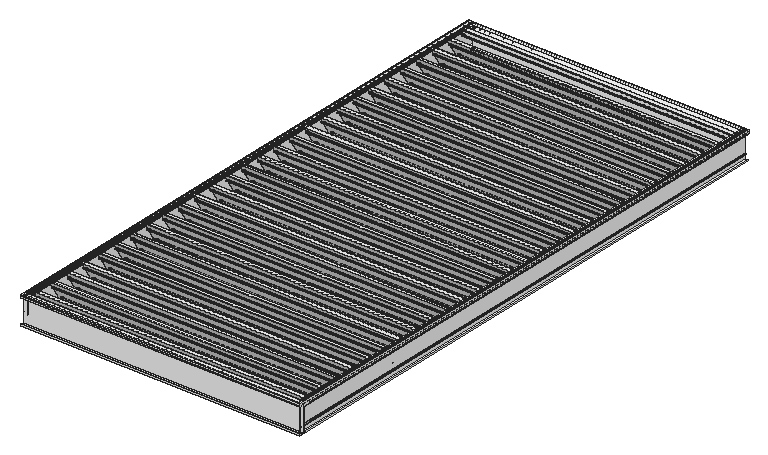
Revit family "All-Lite_EFD-635_R17", category Mechanical Equipment, host Face, Revit 2020
Family settings
  Host = Face
  Round Connector Dimension = Use Diameter
  Part Type = Normal
  Cut with Voids When Loaded = No
  Shared = No
  Room Calculation Point = No
Parameters (values of type "60" x 120"")
  Width Control = if(Width < 4 1/2", 4 1/2", Width)  # 60"
  Width = 60"
  Wall Depth [instance] = 12"
  Velocity @ .15 in.wg. Pressure Loss = "1099 fpm"  # constant formula
  URL = "https://www.alllite.com/"
  Pressure Loss = ".20 in. wg"  # constant formula
  Screen = "1/2'' x 0.063'' expanded and flattened aluminum."  # constant formula
  Product URL = "https://www.alllite.com/media/resource/EFD635.pdf"
  Revit Components [instance] = "www.commensestudio.com"
  Mullion = "Visible"  # constant formula
  Modeled By = "Commense Studio"  # constant formula
  Model = "EFD-635"  # constant formula
  Maximum Size = "60'' x 120''"  # constant formula
  Louver Placement from Face [instance] = 1"
  Height Control = if(Height < 8", 8", Height)  # 120"
  Free Area Velocity = "1250 fpm"  # constant formula
  Free Area (48" x 48") = "9.7 ft² 60.7%"  # constant formula
  Design Load = "30 psf"  # constant formula
  Air Volume Delivered = "12,138 cfm"  # constant formula
  Material = "Mill finish 6063-T5 extruded aluminum."  # constant formula
  Manufacturer = "Pottorff"  # constant formula
  Aluminum [instance] = Aluminum
  Blade Width = Width - 2"  # 58"
  Frame = "6'' deep x 0.081'' thick channel."  # constant formula
  Description = "The EFD-635 drainable blade louver is designed to prevent\r\nwater penetration in non-wind-driven rain applications by\r\ncollecting water in frame and blade gutters and channeling it into\r\ndownspouts and away from airflow paths. The EFD-635 is\r\navailable in a wide array of anodized and painted finishes\r\nincluding custom color matching."  # constant formula
  Height = 120"
  Depth = 6"  # constant formula
  Default Elevation = 0"
  Minimum Size = "4.5'' x 8'"  # constant formula
  Blades = "35° x 0.081'' thick drainable style."  # constant formula
  Assembly Code = "B3020300"
  Array Control 2 = if(Array Control 1 < 2, 2, Array Control 1)  # 27
  Array Control 1 = (Height - 10 3/4") / 4"  # 27
Types (2): name | Width Control | Width | URL | Product URL | Height Control | Blade Width | Height | Array Control 2 | Array Control 1
  60" x 120" | 60" | 60" | "https://www.alllite.com/" | "https://www.alllite.com/media/resource/EFD635.pdf" | 120" | 58" | 120" | 27 | 27
  36" x 48" | 36" | 36" | "https://www.pottorff.com/" | "" | 48" | 34" | 48" | 9 | 9
Reference planes (in)
  plane 1 "Center (Front/Back)": y = 0
  plane 2: z = 0
  plane 3 "Center (Left/Right)": x = 0
  plane 4 "L": x = -30
  plane 5 "R": x = 30
  plane 6 "B": y = 60
  plane 7 "F": y = -60
  plane 8 "Framing Sweeps": z = -1
  plane 9: x = -29
  plane 10: x = 29
  plane 11 "blade": z = -1.081
  plane 12: y = -57.75
  plane 13: y = 56.7965
  plane 14: y = 50.75
  plane 15: z = -7
  plane 16: z = -12
Forms (in)
  Sweep 1, solid, material "Aluminum" <- "Aluminum"
    path origin (0, 0, -1) x (-1, 0, 0) y (0, -1, 0)
      loop
        line (30, 60) -> (-30, 60)
    profile origin (0, -60, -1) x (0, 1, 0) y (0, 0, 1)
      loop
        line (0.984, -5.919) -> (0.984, 0) -> (0, 0) -> (0, -0.206) -> (0.065, -0.206)
        arc (0.065, -0.206) -> (0.07568, -0.17511) -> (0.10563, -0.162) r 0.04076
        line (0.10563, -0.162) -> (0.181, -0.162) -> (0.181, -0.081) -> (0.309, -0.081) -> (0.309, -0.162) -> (0.4005, -0.162) -> (0.4005, -0.305) -> (0, -0.305) -> (0, -0.5625) -> (0.081, -0.5625) -> (0.081, -0.386) -> (0.4815, -0.386) -> (0.4815, -0.081) -> (0.903, -0.081) -> (0.903, -5.919) -> (0.081, -5.919) -> (0.081, -5.6875) -> (0, -5.6875) -> (0, -6) -> (3.984, -6) -> (3.984, -5.919) -> (0.984, -5.919)
  Sweep 2, solid, material "Aluminum" <- "Aluminum"
    path origin (0, 0, -1) x (-1, 0, 0) y (0, -1, 0)
      loop
        line (29, -60) -> (-29, -60)
    profile origin (0, 60, -1) x (0, 1, 0) y (0, 0, 1)
      loop
        line (0, -6) -> (0, -0.213) -> (-0.401, -0.213) -> (-0.401, -0.07) -> (-0.09873, -0.07)
        arc (-0.09873, -0.07) -> (-0.08447, -0.07703) -> (-0.08138, -0.09263) r 0.01796
        arc (-0.08138, -0.09263) -> (-0.07846, -0.10736) -> (-0.065, -0.114) r 0.01697
        line (-0.065, -0.114) -> (0, -0.114) -> (0, 0) -> (-0.99667, 0) -> (-1.696, -0.69933) -> (-1.63872, -0.7566) -> (-0.96312, -0.081) -> (-0.482, -0.081) -> (-0.482, -0.294) -> (-0.081, -0.294) -> (-0.081, -0.812) -> (-0.29327, -0.812)
        arc (-0.29327, -0.812) -> (-0.33377, -0.8525) -> (-0.29327, -0.893) r 0.0405
        line (-0.29327, -0.893) -> (-0.1249, -0.893)
        arc (-0.1249, -0.893) -> (-0.0809, -0.937) -> (-0.1249, -0.981) r 0.044
        line (-0.1249, -0.981) -> (-0.59685, -0.981)
        arc (-0.59685, -0.981) -> (-0.56224, -0.94639) -> (-0.59685, -0.91177) r 0.03461
        line (-0.59685, -0.91177) -> (-0.90713, -0.91177)
        arc (-0.90713, -0.91177) -> (-0.92864, -0.90877) -> (-0.9485, -0.9) r 0.07856
        line (-0.9485, -0.9) -> (-3.1065, -0.9) -> (-3.1065, -0.081) -> (-2.2275, -0.081)
        arc (-2.2275, -0.081) -> (-2.187, -0.0405) -> (-2.2275, 0) r 0.0405
        line (-2.2275, 0) -> (-3.14844, 0)
        arc (-3.14844, 0) -> (-3.17606, -0.01144) -> (-3.1875, -0.03906) r 0.03906
        line (-3.1875, -0.03906) -> (-3.1875, -0.94378)
        arc (-3.1875, -0.94378) -> (-3.1766, -0.9701) -> (-3.15028, -0.981) r 0.03722
        line (-3.15028, -0.981) -> (-2.89238, -0.981)
        arc (-2.89238, -0.981) -> (-2.86453, -0.99253) -> (-2.853, -1.02038) r 0.03938
        line (-2.853, -1.02038) -> (-2.853, -1.13575)
        arc (-2.853, -1.13575) -> (-2.85952, -1.15736) -> (-2.87691, -1.17175) r 0.03906
        arc (-2.87691, -1.17175) -> (-2.97427, -1.2875) -> (-2.93733, -1.43417) r 0.166
        arc (-2.93733, -1.43417) -> (-2.88042, -1.43766) -> (-2.87642, -1.38078) r 0.0405
        arc (-2.87642, -1.38078) -> (-2.8125, -1.23975) -> (-2.74858, -1.38078) r 0.085
        arc (-2.74858, -1.38078) -> (-2.74482, -1.43793) -> (-2.68767, -1.43417) r 0.0405
        arc (-2.68767, -1.43417) -> (-2.65073, -1.2875) -> (-2.74809, -1.17175) r 0.166
        arc (-2.74809, -1.17175) -> (-2.76548, -1.15736) -> (-2.772, -1.13575) r 0.03906
        line (-2.772, -1.13575) -> (-2.772, -1.01598)
        arc (-2.772, -1.01598) -> (-2.76176, -0.99124) -> (-2.73702, -0.981) r 0.03498
        line (-2.73702, -0.981) -> (-1.89304, -0.981)
        arc (-1.89304, -0.981) -> (-1.86473, -0.99273) -> (-1.853, -1.02104) r 0.04004
        line (-1.853, -1.02104) -> (-1.853, -1.12468)
        arc (-1.853, -1.12468) -> (-1.8616, -1.15456) -> (-1.88475, -1.1753) r 0.05622
        arc (-1.88475, -1.1753) -> (-1.97518, -1.29171) -> (-1.93733, -1.43417) r 0.166
        arc (-1.93733, -1.43417) -> (-1.88042, -1.43766) -> (-1.87642, -1.38078) r 0.0405
        arc (-1.87642, -1.38078) -> (-1.8125, -1.23975) -> (-1.74858, -1.38078) r 0.085
        arc (-1.74858, -1.38078) -> (-1.74458, -1.43766) -> (-1.68767, -1.43417) r 0.0405
        arc (-1.68767, -1.43417) -> (-1.65054, -1.28834) -> (-1.74651, -1.17243) r 0.166
        arc (-1.74651, -1.17243) -> (-1.76506, -1.15683) -> (-1.772, -1.13361) r 0.04231
        line (-1.772, -1.13361) -> (-1.772, -1.02489)
        arc (-1.772, -1.02489) -> (-1.75914, -0.99386) -> (-1.7281, -0.981) r 0.04389
        line (-1.7281, -0.981) -> (-0.831, -0.981) -> (-0.831, -1.062) -> (-0.55649, -1.062)
        arc (-0.55649, -1.062) -> (-0.52821, -1.07371) -> (-0.5165, -1.10199) r 0.03999
        line (-0.5165, -1.10199) -> (-0.5165, -1.17239)
        arc (-0.5165, -1.17239) -> (-0.52274, -1.19295) -> (-0.53936, -1.20657) r 0.03697
        arc (-0.53936, -1.20657) -> (-0.63762, -1.32211) -> (-0.60095, -1.46928) r 0.166
        arc (-0.60095, -1.46928) -> (-0.5438, -1.47311) -> (-0.53998, -1.41596) r 0.0405
        arc (-0.53998, -1.41596) -> (-0.476, -1.275) -> (-0.41202, -1.41596) r 0.085
        arc (-0.41202, -1.41596) -> (-0.4082, -1.47311) -> (-0.35105, -1.46928) r 0.0405
        arc (-0.35105, -1.46928) -> (-0.31411, -1.32328) -> (-0.41042, -1.2075) r 0.166
        arc (-0.41042, -1.2075) -> (-0.42867, -1.19222) -> (-0.4355, -1.16942) r 0.04145
        line (-0.4355, -1.16942) -> (-0.4355, -1.10206)
        arc (-0.4355, -1.10206) -> (-0.42377, -1.07373) -> (-0.39544, -1.062) r 0.04006
        line (-0.39544, -1.062) -> (-0.12312, -1.062)
        arc (-0.12312, -1.062) -> (-0.09334, -1.07434) -> (-0.081, -1.10412) r 0.04212
        line (-0.081, -1.10412) -> (-0.081, -4.85985)
        arc (-0.081, -4.85985) -> (-0.09223, -4.88696) -> (-0.11934, -4.89819) r 0.03834
        line (-0.11934, -4.89819) -> (-0.28768, -4.89819)
        arc (-0.28768, -4.89819) -> (-0.30878, -4.8918) -> (-0.32279, -4.87479) r 0.03804
        arc (-0.32279, -4.87479) -> (-0.43839, -4.77701) -> (-0.58528, -4.81374) r 0.166
        arc (-0.58528, -4.81374) -> (-0.58911, -4.87089) -> (-0.53196, -4.87471) r 0.0405
        arc (-0.53196, -4.87471) -> (-0.391, -4.93869) -> (-0.53196, -5.00267) r 0.085
        arc (-0.53196, -5.00267) -> (-0.58911, -5.00649) -> (-0.58528, -5.06364) r 0.0405
        arc (-0.58528, -5.06364) -> (-0.43875, -5.10046) -> (-0.32307, -5.00326) r 0.166
        arc (-0.32307, -5.00326) -> (-0.30856, -4.98575) -> (-0.28679, -4.97919) r 0.03939
        line (-0.28679, -4.97919) -> (-0.12037, -4.97919)
        arc (-0.12037, -4.97919) -> (-0.09253, -4.99072) -> (-0.081, -5.01856) r 0.03937
        line (-0.081, -5.01856) -> (-0.081, -5.88124)
        arc (-0.081, -5.88124) -> (-0.09206, -5.90794) -> (-0.11876, -5.919) r 0.03776
        line (-0.11876, -5.919) -> (-0.75, -5.919) -> (-0.75, -6) -> (0, -6)
  Sweep 3, solid, material "Aluminum" <- "Aluminum"
    path origin (0, 0, -1) x (-1, 0, 0) y (0, -1, 0)
      loop
        line (30, -60) -> (30, 59.016)
    profile "Profile - Vertical Frame 1 : Profile - Vertical Frame 1" origin (-30, 0.492, -1) x (1, 0, 0) y (0, 0, 1)
      loop
        line (1, 0) -> (0, 0) -> (0, -0.206) -> (0.065, -0.206) -> (0.065, -0.162) -> (0.181, -0.162) -> (0.181, -0.081) -> (0.309, -0.081) -> (0.309, -0.162) -> (0.4005, -0.162) -> (0.4005, -0.305) -> (0, -0.305) -> (0, -0.84828)
        arc (0, -0.84828) -> (0.06849, -0.99401) -> (0.21422, -1.0625) r 0.23736
        line (0.21422, -1.0625) -> (0.30841, -1.0625)
        arc (0.30841, -1.0625) -> (0.3319, -1.06867) -> (0.34933, -1.08559) r 0.04781
        arc (0.34933, -1.08559) -> (0.40799, -1.09729) -> (0.41433, -1.03782) r 0.0405
        arc (0.41433, -1.03782) -> (0.478, -0.8965) -> (0.54167, -1.03782) r 0.085
        arc (0.54167, -1.03782) -> (0.54984, -1.09855) -> (0.60875, -1.08168) r 0.0405
        arc (0.60875, -1.08168) -> (0.62096, -1.0677) -> (0.63877, -1.0625) r 0.03309
        line (0.63877, -1.0625) -> (0.794, -1.0625) -> (0.794, -2.759)
        arc (0.794, -2.759) -> (0.78434, -2.77772) -> (0.76349, -2.7807) r 0.02297
        arc (0.76349, -2.7807) -> (0.67685, -2.77464) -> (0.59901, -2.81317) r 0.166
        arc (0.59901, -2.81317) -> (0.59551, -2.87033) -> (0.65268, -2.87383) r 0.0405
        arc (0.65268, -2.87383) -> (0.794, -2.9375) -> (0.65268, -3.00117) r 0.085
        arc (0.65268, -3.00117) -> (0.59551, -3.00467) -> (0.59901, -3.06183) r 0.0405
        arc (0.59901, -3.06183) -> (0.67478, -3.09993) -> (0.75947, -3.09564) r 0.166
        arc (0.75947, -3.09564) -> (0.78314, -3.09948) -> (0.794, -3.12086) r 0.02648
        line (0.794, -3.12086) -> (0.794, -3.919) -> (0.081, -3.919) -> (0.081, -3.728)
        arc (0.081, -3.728) -> (0.0405, -3.6875) -> (0, -3.728) r 0.0405
        line (0, -3.728) -> (0, -4) -> (0.875, -4) -> (0.875, -0.9815) -> (0.66593, -0.9815)
        arc (0.66593, -0.9815) -> (0.65045, -0.97564) -> (0.64273, -0.96101) r 0.02338
        arc (0.64273, -0.96101) -> (0.47961, -0.81551) -> (0.3137, -0.95782) r 0.166
        arc (0.3137, -0.95782) -> (0.30444, -0.97476) -> (0.28636, -0.9815) r 0.02762
        line (0.28636, -0.9815) -> (0.23632, -0.9815)
        arc (0.23632, -0.9815) -> (0.12649, -0.93601) -> (0.081, -0.82618) r 0.15532
        line (0.081, -0.82618) -> (0.081, -0.386) -> (0.4815, -0.386) -> (0.4815, -0.081) -> (0.794, -0.081) -> (0.794, -0.21761)
        arc (0.794, -0.21761) -> (0.8345, -0.25811) -> (0.875, -0.21761) r 0.0405
        line (0.875, -0.21761) -> (0.875, -0.081) -> (1, -0.081) -> (1, 0)
  Sweep 4, solid, material "Aluminum" <- "Aluminum"
    path origin (0, 0, -1) x (-1, 0, 0) y (0, -1, 0)
      loop
        line (-30, -60) -> (-30, 59.016)
    profile "Profile - Vertical Frame 1 : 6" Depth" origin (30, 0.492, -1) x (1, 0, 0) y (0, 0, 1)
      loop
        line (-1, 0) -> (-1, -0.081) -> (-0.875, -0.081) -> (-0.875, -0.21761)
        arc (-0.875, -0.21761) -> (-0.8345, -0.25811) -> (-0.794, -0.21761) r 0.0405
        line (-0.794, -0.21761) -> (-0.794, -0.081) -> (-0.4815, -0.081) -> (-0.4815, -0.386) -> (-0.081, -0.386) -> (-0.081, -0.82618)
        arc (-0.081, -0.82618) -> (-0.12649, -0.93601) -> (-0.23632, -0.9815) r 0.15532
        line (-0.23632, -0.9815) -> (-0.28636, -0.9815)
        arc (-0.28636, -0.9815) -> (-0.30444, -0.97476) -> (-0.3137, -0.95782) r 0.02762
        arc (-0.3137, -0.95782) -> (-0.47961, -0.81551) -> (-0.64273, -0.96101) r 0.166
        arc (-0.64273, -0.96101) -> (-0.65045, -0.97564) -> (-0.66593, -0.9815) r 0.02338
        line (-0.66593, -0.9815) -> (-0.875, -0.9815) -> (-0.875, -6) -> (0, -6) -> (0, -5.728)
        arc (0, -5.728) -> (-0.0405, -5.6875) -> (-0.081, -5.728) r 0.0405
        line (-0.081, -5.728) -> (-0.081, -5.919) -> (-0.794, -5.919) -> (-0.794, -5.12086)
        arc (-0.794, -5.12086) -> (-0.78314, -5.09948) -> (-0.75947, -5.09564) r 0.02648
        arc (-0.75947, -5.09564) -> (-0.67478, -5.09993) -> (-0.59901, -5.06183) r 0.166
        arc (-0.59901, -5.06183) -> (-0.59551, -5.00467) -> (-0.65268, -5.00117) r 0.0405
        arc (-0.65268, -5.00117) -> (-0.794, -4.9375) -> (-0.65268, -4.87383) r 0.085
        arc (-0.65268, -4.87383) -> (-0.59551, -4.87033) -> (-0.59901, -4.81317) r 0.0405
        arc (-0.59901, -4.81317) -> (-0.67685, -4.77464) -> (-0.76349, -4.7807) r 0.166
        arc (-0.76349, -4.7807) -> (-0.78434, -4.77772) -> (-0.794, -4.759) r 0.02297
        line (-0.794, -4.759) -> (-0.794, -1.0625) -> (-0.63877, -1.0625)
        arc (-0.63877, -1.0625) -> (-0.62096, -1.0677) -> (-0.60875, -1.08168) r 0.03309
        arc (-0.60875, -1.08168) -> (-0.54984, -1.09855) -> (-0.54167, -1.03782) r 0.0405
        arc (-0.54167, -1.03782) -> (-0.478, -0.8965) -> (-0.41433, -1.03782) r 0.085
        arc (-0.41433, -1.03782) -> (-0.40799, -1.09729) -> (-0.34933, -1.08559) r 0.0405
        arc (-0.34933, -1.08559) -> (-0.3319, -1.06867) -> (-0.30841, -1.0625) r 0.04781
        line (-0.30841, -1.0625) -> (-0.21422, -1.0625)
        arc (-0.21422, -1.0625) -> (-0.06849, -0.99401) -> (0, -0.84828) r 0.23736
        line (0, -0.84828) -> (0, -0.305) -> (-0.4005, -0.305) -> (-0.4005, -0.162) -> (-0.309, -0.162) -> (-0.309, -0.081) -> (-0.181, -0.081) -> (-0.181, -0.162) -> (-0.065, -0.162) -> (-0.065, -0.206) -> (0, -0.206) -> (0, 0) -> (-1, 0)
  Extrusion 5, void
    sketch origin (10.61611, 0, 0) x (0, 0, 1) y (0, -1, 0)
      loop
        line (0, 60) -> (-12, 60) -> (-12, -60) -> (0, -60) -> (0, 60)
    from -40.61611 to 19.38389
Cuts and joins
  joined: Sweep 1, Sweep 3, Sweep 4
Lines and regions (in)
  symbolic lines
    curve 1: line (-30, 60, -1) -> (30, 60, -1)
    curve 2: line (-30, -60, -1) -> (-30, 60, -1)
    curve 3: line (30, -60, -1) -> (-30, -60, -1)
    curve 4: line (30, 60, -1) -> (30, -60, -1)
    curve 5: line (-29.5, 59.5, -1) -> (29.5, 59.5, -1)
    curve 6: line (29.5, 59.5, -1) -> (29.5, -59.5, -1)
    curve 7: line (29.5, -59.5, -1) -> (-29.5, -59.5, -1)
    curve 8: line (-29.5, -59.5, -1) -> (-29.5, 59.5, -1)
Dimensions and locks (in)
  equal spacing: plane 4 "L", plane 3 "Center (Left/Right)", plane 5 "R"
  "Width Control": plane 4 "L" to plane 5 "R"
  equal spacing: plane 7 "F", plane 1 "Center (Front/Back)", plane 6 "B"
  "Height Control": plane 7 "F" to plane 6 "B"
  "Louver Placement from Face": level to plane 8 "Framing Sweeps"
  plane 4 "L" to plane 9 = 1"
  plane 10 to plane 5 "R" = 1"
  locked: plane 7 "F" to plane 12 at 2.25
  locked: plane 13 to plane 6 "B" at 3.2035
  equal spacing: group 1, group 3, group 4, group 5, group 6, group 7, group 8, group 9, group 10, group 11, group 12, group 13, group 14, group 15, group 16, group 17, group 18, group 19, group 20, group 21, group 22, group 23, group 24, group 25, group 26, group 27, group 2  (x3)
  locked: plane 8 "Framing Sweeps" to plane 11 "blade" at 0.081
  "Wall Depth": level to plane 16
  "Depth": plane 8 "Framing Sweeps" to plane 15
  locked: plane 14 to plane 6 "B" at 9.25
  aligned and locked: plane 2 to host face
  aligned and locked: level to host face
  aligned and locked: plane 11 "blade" to nested 1
  aligned and locked: plane 12 to nested 1
  aligned and locked: plane 6 "B" to Sweep 2 sketch curve
  aligned and locked: Sweep 4 sketch curve to plane 5 "R"
  aligned and locked: plane 9 to Sweep 2 sketch curve
  aligned and locked: Sweep 2 sketch curve to plane 10
  aligned and locked: plane 11 "blade" to nested 2
  aligned and locked: plane 16 to host face
  aligned and locked: plane 16 to Extrusion 5
  aligned and locked: plane 7 "F" to Extrusion 5
  aligned and locked: Extrusion 5 to plane 4 "L"
  aligned and locked: plane 5 "R" to Extrusion 5
  aligned and locked: plane 13 to nested 2
Automatic sketch dimensions
  host sketch curve to host sketch curve = 96"
  host sketch curve to host sketch curve = 158.30898"
  curve 1 to plane 5 "R" = 0"
  curve 2 to plane 4 "L" = 0"
  plane 6 "B" to curve 1 = 0"
  plane 7 "F" to curve 3 = 0"
  curve 7 to plane 5 "R" = 1/2"
  plane 4 "L" to curve 7 = 1/2"
  plane 6 "B" to curve 5 = 1/2"
  curve 8 to plane 7 "F" = 1/2"
  Sweep 4 sketch curve to plane 6 "B" = 0"
  Sweep 4 sketch curve to plane 7 "F" = 0.984"
  Sweep 3 sketch curve to plane 4 "L" = 0"
  Sweep 3 sketch curve to plane 6 "B" = 0"
  Sweep 3 sketch curve to plane 7 "F" = 0.984"
  Sweep 1 sketch curve to plane 5 "R" = 0"
  Sweep 1 sketch curve to plane 4 "L" = 0"
  plane 7 "F" to Sweep 1 sketch curve = 0"
  Extrusion 5 sketch curve to level = 0"
  Extrusion 5 sketch curve to plane 6 "B" = 0"
  Extrusion 5 sketch curve to plane 11 "blade" = 10.919"
  Extrusion 5 sketch curve to plane 14 = 110 3/4"
  Sweep 1 sketch curve to profile plane = 0"  (x3)
  Sweep 1 sketch curve to plane 8 "Framing Sweeps" = 0"
  Sweep 1 sketch curve to Sweep 1 sketch curve = 0.065"
  Sweep 1 sketch curve to Sweep 1 sketch curve = 0.081"  (x7)
  Sweep 1 sketch curve to profile plane = 0.081"
  Sweep 1 sketch curve to Sweep 1 sketch curve = 0.04063"
  Sweep 1 sketch curve to Sweep 1 sketch curve = 0.07537"
  Sweep 1 sketch curve to Sweep 1 sketch curve = 0.128"
  Sweep 1 sketch curve to Sweep 1 sketch curve = 0.0915"
  Sweep 1 sketch curve to Sweep 1 sketch curve = 0.822"
  Sweep 1 sketch curve to Sweep 1 sketch curve = 3"
  Sweep 1 sketch curve to plane 8 "Framing Sweeps" = 0.081"  (x2)
  Sweep 1 sketch curve to Sweep 1 sketch curve = 0.04076"
  Sweep 1 sketch curve to Sweep 1 sketch curve = 0.099"
  Sweep 1 sketch curve to Sweep 1 sketch curve = 0.1765"
  Sweep 1 sketch curve to Sweep 1 sketch curve = 5 1/8"
  Sweep 1 sketch curve to Sweep 1 sketch curve = 0.2315"
  Sweep 1 sketch curve to Sweep 1 sketch curve = 0"
  Sweep 2 sketch curve to Sweep 2 sketch curve = 0"  (x30)
  Sweep 2 sketch curve to profile plane = 0"  (x2)
  profile plane to Sweep 2 sketch curve = 0.065"
  profile plane to Sweep 2 sketch curve = 0.081"  (x3)
  Sweep 2 sketch curve to Sweep 2 sketch curve = 0.03373"
  Sweep 2 sketch curve to Sweep 2 sketch curve = 0.03776"
  Sweep 2 sketch curve to Sweep 2 sketch curve = 0.03834"
  Sweep 2 sketch curve to Sweep 2 sketch curve = 0.03937"  (x2)
  Sweep 2 sketch curve to Sweep 2 sketch curve = 0.04212"
  profile plane to Sweep 2 sketch curve = 0.1249"
  Sweep 2 sketch curve to Sweep 2 sketch curve = 0.16642"
  Sweep 2 sketch curve to Sweep 2 sketch curve = 0.00089"
  Sweep 2 sketch curve to Sweep 2 sketch curve = 0.16837"
  profile plane to Sweep 2 sketch curve = 0.38153"
  Sweep 2 sketch curve to Sweep 2 sketch curve = 0.01251"
  Sweep 2 sketch curve to Sweep 2 sketch curve = 0.00139"
  Sweep 2 sketch curve to Sweep 2 sketch curve = 0.30227"
  Sweep 2 sketch curve to Sweep 2 sketch curve = 0.04145"
  Sweep 2 sketch curve to Sweep 2 sketch curve = 0.18832"
  Sweep 2 sketch curve to Sweep 2 sketch curve = 0.09447"  (x4)
  Sweep 2 sketch curve to Sweep 2 sketch curve = 0.081"  (x8)
  Sweep 2 sketch curve to Sweep 2 sketch curve = 0.03697"
  Sweep 2 sketch curve to Sweep 2 sketch curve = 0.03999"
  Sweep 2 sketch curve to Sweep 2 sketch curve = 0.08262"  (x4)
  Sweep 2 sketch curve to Sweep 2 sketch curve = 0.04036"
  Sweep 2 sketch curve to Sweep 2 sketch curve = 0.63124"
  Sweep 2 sketch curve to Sweep 2 sketch curve = 0.23415"
  Sweep 2 sketch curve to Sweep 2 sketch curve = 0.07613"
  Sweep 2 sketch curve to Sweep 2 sketch curve = 0.04136"
  Sweep 2 sketch curve to plane 8 "Framing Sweeps" = 0.081"  (x2)
  Sweep 2 sketch curve to Sweep 2 sketch curve = 0.48112"
  plane 8 "Framing Sweeps" to Sweep 2 sketch curve = 0"  (x2)
  Sweep 2 sketch curve to Sweep 2 sketch curve = 0.03355"
  Sweep 2 sketch curve to plane 8 "Framing Sweeps" = 0.7566"
  Sweep 2 sketch curve to Sweep 2 sketch curve = 0.69022"
  Sweep 2 sketch curve to plane 8 "Framing Sweeps" = 0.69933"
  Sweep 2 sketch curve to Sweep 2 sketch curve = 0.05728"
  Sweep 2 sketch curve to Sweep 2 sketch curve = 0.07916"
  Sweep 2 sketch curve to Sweep 2 sketch curve = 0.08938"
  Sweep 2 sketch curve to Sweep 2 sketch curve = 0.00159"
  Sweep 2 sketch curve to Sweep 2 sketch curve = 0.04231"
  Sweep 2 sketch curve to Sweep 2 sketch curve = 0.09462"  (x3)
  Sweep 2 sketch curve to Sweep 2 sketch curve = 0.04004"
  Sweep 2 sketch curve to Sweep 2 sketch curve = 0.05622"
  Sweep 2 sketch curve to Sweep 2 sketch curve = 0.5315"
  Sweep 2 sketch curve to Sweep 2 sketch curve = 0.81101"
  Sweep 2 sketch curve to Sweep 2 sketch curve = 0.01481"
  Sweep 2 sketch curve to Sweep 2 sketch curve = 0.00408"
  Sweep 2 sketch curve to Sweep 2 sketch curve = 0.03498"
  Sweep 2 sketch curve to Sweep 2 sketch curve = 0.09438"
  Sweep 2 sketch curve to Sweep 2 sketch curve = 5/128"
  Sweep 2 sketch curve to Sweep 2 sketch curve = 0.03938"
  Sweep 2 sketch curve to Sweep 2 sketch curve = 0.879"
  Sweep 2 sketch curve to Sweep 2 sketch curve = 0.04194"
  Sweep 2 sketch curve to Sweep 2 sketch curve = 0.04378"  (x2)
  Sweep 2 sketch curve to Sweep 2 sketch curve = 0.03722"
  Sweep 2 sketch curve to plane 8 "Framing Sweeps" = 0.812"
  Sweep 2 sketch curve to Sweep 2 sketch curve = 0.02122"
  Sweep 2 sketch curve to Sweep 2 sketch curve = 0.0405"
  Sweep 2 sketch curve to Sweep 2 sketch curve = 0.819"
  Sweep 2 sketch curve to Sweep 2 sketch curve = 0.044"
  Sweep 2 sketch curve to Sweep 2 sketch curve = 0.2244"
  Sweep 2 sketch curve to Sweep 2 sketch curve = 0.06923"
  Sweep 2 sketch curve to Sweep 2 sketch curve = 0.10364"
  Sweep 2 sketch curve to Sweep 2 sketch curve = 0.10871"
  Sweep 2 sketch curve to Sweep 2 sketch curve = 0.11537"
  Sweep 2 sketch curve to Sweep 2 sketch curve = 0.06736"
  Sweep 2 sketch curve to Sweep 2 sketch curve = 0.0704"
  Sweep 2 sketch curve to Sweep 2 sketch curve = 0.19114"
  Sweep 2 sketch curve to Sweep 2 sketch curve = 0.189"
  Sweep 2 sketch curve to Sweep 2 sketch curve = 0.18761"
  Sweep 2 sketch curve to Sweep 2 sketch curve = 0.08245"  (x3)
  Sweep 2 sketch curve to Sweep 2 sketch curve = 0.08272"
  Sweep 2 sketch curve to Sweep 2 sketch curve = 3.4016"
  Sweep 2 sketch curve to Sweep 2 sketch curve = 1/64"
  Sweep 2 sketch curve to Sweep 2 sketch curve = 0.03804"
  Sweep 2 sketch curve to Sweep 2 sketch curve = 0.03939"
  Sweep 2 sketch curve to Sweep 2 sketch curve = 0.86269"
  Sweep 2 sketch curve to Sweep 2 sketch curve = 0.11876"
  Sweep 2 sketch curve to Sweep 2 sketch curve = 0.213"
  Sweep 2 sketch curve to Sweep 2 sketch curve = 0.099"
  Sweep 2 sketch curve to Sweep 2 sketch curve = 0.01697"
  Sweep 2 sketch curve to Sweep 2 sketch curve = 0.00907"
  Sweep 2 sketch curve to plane 8 "Framing Sweeps" = 0.07"
  Sweep 2 sketch curve to Sweep 2 sketch curve = 0.03049"
  Sweep 2 sketch curve to Sweep 2 sketch curve = 0.02666"
  Sweep 2 sketch curve to Sweep 2 sketch curve = 0.03022"
  Sweep 2 sketch curve to Sweep 2 sketch curve = 0.0307"  (x3)
  Sweep 2 sketch curve to Sweep 2 sketch curve = 0.03046"
Nested families (in)
  nested 1: "Blade_Drainable_35 deg" at (0, -57.75, -1.081), type "Blade_Drainable_35 deg"
  nested 2: "Blade_Drainable_35 deg" at (0, 52.7965, -1.081), type "Blade_Drainable_35 deg"
  nested 3: "Blade_Drainable_35 deg" at (0, -53.49821, -1.081), type "Blade_Drainable_35 deg"
  nested 4: "Blade_Drainable_35 deg" at (0, -49.24642, -1.081), type "Blade_Drainable_35 deg"
  nested 5: "Blade_Drainable_35 deg" at (0, -44.99463, -1.081), type "Blade_Drainable_35 deg"
  nested 6: "Blade_Drainable_35 deg" at (0, -40.74285, -1.081), type "Blade_Drainable_35 deg"
  nested 7: "Blade_Drainable_35 deg" at (0, -36.49106, -1.081), type "Blade_Drainable_35 deg"
  nested 8: "Blade_Drainable_35 deg" at (0, -32.23927, -1.081), type "Blade_Drainable_35 deg"
  nested 9: "Blade_Drainable_35 deg" at (0, -27.98748, -1.081), type "Blade_Drainable_35 deg"
  nested 10: "Blade_Drainable_35 deg" at (0, -23.73569, -1.081), type "Blade_Drainable_35 deg"
  nested 11: "Blade_Drainable_35 deg" at (0, -19.4839, -1.081), type "Blade_Drainable_35 deg"
  nested 12: "Blade_Drainable_35 deg" at (0, -15.23212, -1.081), type "Blade_Drainable_35 deg"
  nested 13: "Blade_Drainable_35 deg" at (0, -10.98033, -1.081), type "Blade_Drainable_35 deg"
  nested 14: "Blade_Drainable_35 deg" at (0, -6.72854, -1.081), type "Blade_Drainable_35 deg"
  nested 15: "Blade_Drainable_35 deg" at (0, -2.47675, -1.081), type "Blade_Drainable_35 deg"
  nested 16: "Blade_Drainable_35 deg" at (0, 1.77504, -1.081), type "Blade_Drainable_35 deg"
  nested 17: "Blade_Drainable_35 deg" at (0, 6.02683, -1.081), type "Blade_Drainable_35 deg"
  nested 18: "Blade_Drainable_35 deg" at (0, 10.27862, -1.081), type "Blade_Drainable_35 deg"
  nested 19: "Blade_Drainable_35 deg" at (0, 14.5304, -1.081), type "Blade_Drainable_35 deg"
  nested 20: "Blade_Drainable_35 deg" at (0, 18.78219, -1.081), type "Blade_Drainable_35 deg"
  nested 21: "Blade_Drainable_35 deg" at (0, 23.03398, -1.081), type "Blade_Drainable_35 deg"
  nested 22: "Blade_Drainable_35 deg" at (0, 27.28577, -1.081), type "Blade_Drainable_35 deg"
  nested 23: "Blade_Drainable_35 deg" at (0, 31.53756, -1.081), type "Blade_Drainable_35 deg"
  nested 24: "Blade_Drainable_35 deg" at (0, 35.78935, -1.081), type "Blade_Drainable_35 deg"
  nested 25: "Blade_Drainable_35 deg" at (0, 40.04113, -1.081), type "Blade_Drainable_35 deg"
  nested 26: "Blade_Drainable_35 deg" at (0, 44.29292, -1.081), type "Blade_Drainable_35 deg"
  nested 27: "Blade_Drainable_35 deg" at (0, 48.54471, -1.081), type "Blade_Drainable_35 deg"
Connectors (in)
  hvac at (0, 0, -1), driven by "Height", driven by "Width"
    settings: index 1, duct flow 0 CFM, flow factor 0, pres drop 0.00 in-wg, loss coef 0, conn angle 0.00°, conn width 60", conn height 120", conn diameter 24", duct sys type 1, conn prof type 1, flow config 0, flow direction 0, loss method 0, conn ref index -1, conn util no, is conn primary yes, conn desc ""
Definition of nested family "Blade_Drainable_35 deg"
  Parameters (values of type "Blade_Drainable_35 deg")
    W = 58"
    Louver = none
    Default Elevation = 0"
    Blade = none
    Assembly Code = ""
  Reference planes (in)
    plane 1 "Center (Front/Back)": y = 0
    plane 2: z = 0
    plane 3 "Center (Left/Right)": x = 0
    plane 4: x = -29
    plane 5: x = 29
    plane 6: z = 0
    plane 7: y = 4
  Forms (in)
    Extrusion 1, solid, material <- "Louver"
      sketch origin (0, -1.15427, 8.6102) x (0, 1, 0) y (0, 0, 1)
        loop
          line (1.98325, -8.6102) -> (1.15427, -8.6102) -> (1.85309, -9.72855)
          arc (1.85309, -9.72855) -> (1.85974, -9.77641) -> (1.82851, -9.81328) r 0.0592
          arc (1.82851, -9.81328) -> (1.77503, -9.85437) -> (1.74263, -9.91352) r 0.16378
          arc (1.74263, -9.91352) -> (1.76931, -9.96333) -> (1.81913, -9.93665) r 0.03996
          arc (1.81913, -9.93665) -> (1.96974, -9.91525) -> (1.88893, -10.04414) r 0.08387
          arc (1.88893, -10.04414) -> (1.84429, -10.0788) -> (1.87895, -10.12343) r 0.03996
          arc (1.87895, -10.12343) -> (1.94342, -10.11869) -> (2.00103, -10.08937) r 0.16378
          arc (2.00103, -10.08937) -> (2.04786, -10.07747) -> (2.08796, -10.10443) r 0.0592
          line (2.08796, -10.10443) -> (3.82692, -12.88734) -> (4.0078, -12.88734)
          arc (4.0078, -12.88734) -> (4.04304, -12.89897) -> (4.06443, -12.92929) r 0.0592
          arc (4.06443, -12.92929) -> (4.09918, -12.95715) -> (4.13775, -12.93489) r 0.03947
          arc (4.13775, -12.93489) -> (4.28991, -12.93699) -> (4.18999, -13.05175) r 0.08387
          arc (4.18999, -13.05175) -> (4.14048, -13.079) -> (4.16773, -13.12851) r 0.03996
          arc (4.16773, -13.12851) -> (4.24757, -13.13138) -> (4.31927, -13.09613) r 0.16378
          arc (4.31927, -13.09613) -> (4.345, -13.08984) -> (4.36546, -13.10666) r 0.0296
          line (4.36546, -13.10666) -> (4.90513, -14.31878)
          arc (4.90513, -14.31878) -> (4.90291, -14.34694) -> (4.87809, -14.36042) r 0.0296
          line (4.87809, -14.36042) -> (4.36089, -14.36042) -> (4.39001, -14.44042) -> (5.29685, -14.44042) -> (5.26124, -14.36042) -> (5.04371, -14.36042)
          arc (5.04371, -14.36042) -> (5.01647, -14.35235) -> (4.99803, -14.33075) r 0.05
          line (4.99803, -14.33075) -> (4.2398, -12.62774)
          arc (4.2398, -12.62774) -> (4.18841, -12.60378) -> (4.16444, -12.65517) r 0.0401
          line (4.16444, -12.65517) -> (4.21229, -12.76264)
          arc (4.21229, -12.76264) -> (4.20991, -12.79287) -> (4.18326, -12.80734) r 0.03177
          line (4.18326, -12.80734) -> (3.87127, -12.80734) -> (1.29859, -8.6902) -> (1.85047, -8.6902) -> (1.71174, -8.82893)
          arc (1.71174, -8.82893) -> (1.71174, -8.8855) -> (1.76831, -8.8855) r 0.04
          line (1.76831, -8.8855) -> (2.00093, -8.65288)
          arc (2.00093, -8.65288) -> (2.00635, -8.62563) -> (1.98325, -8.6102) r 0.025
      from -29 to 29
  Dimensions and locks (in)
    plane 5 to plane 4 = 58"
    equal spacing: plane 4, plane 3 "Center (Left/Right)", plane 5
    "W": plane 4 to plane 5
    aligned and locked: plane 2 to level
    aligned and locked: plane 5 to Extrusion 1
    aligned and locked: Extrusion 1 to plane 4
  Automatic sketch dimensions
    Extrusion 1 sketch curve to Extrusion 1 sketch curve = 0"  (x14)
    Extrusion 1 sketch curve to level = 0"
    Extrusion 1 sketch curve to plane 1 "Center (Front/Back)" = 0"
    Extrusion 1 sketch curve to plane 1 "Center (Front/Back)" = 0.14432"
    Extrusion 1 sketch curve to level = 7/32"
    Extrusion 1 sketch curve to Extrusion 1 sketch curve = 0.41315"
    Extrusion 1 sketch curve to Extrusion 1 sketch curve = 0.02828"  (x2)
    Extrusion 1 sketch curve to level = 0.2753"
    Extrusion 1 sketch curve to plane 1 "Center (Front/Back)" = 0.62661"
    Extrusion 1 sketch curve to Extrusion 1 sketch curve = 0.022"
    Extrusion 1 sketch curve to level = 0.08"
    Extrusion 1 sketch curve to Extrusion 1 sketch curve = 0.13873"
    Extrusion 1 sketch curve to Extrusion 1 sketch curve = 0.0502"  (x2)
    Extrusion 1 sketch curve to Extrusion 1 sketch curve = 0.10306"
    Extrusion 1 sketch curve to Extrusion 1 sketch curve = 0.01546"
    Extrusion 1 sketch curve to Extrusion 1 sketch curve = 0.13278"
    Extrusion 1 sketch curve to level = 0.04268"
    Extrusion 1 sketch curve to Extrusion 1 sketch curve = 0.01768"
    Extrusion 1 sketch curve to Extrusion 1 sketch curve = 0.15382"
    plane 7 to Extrusion 1 sketch curve = 1.32735"
    Extrusion 1 sketch curve to Extrusion 1 sketch curve = 0.04434"
    Extrusion 1 sketch curve to Extrusion 1 sketch curve = 0.18088"
    Extrusion 1 sketch curve to Extrusion 1 sketch curve = 0.09439"
    Extrusion 1 sketch curve to Extrusion 1 sketch curve = 0.06226"
    Extrusion 1 sketch curve to Extrusion 1 sketch curve = 0.07668"
    Extrusion 1 sketch curve to Extrusion 1 sketch curve = 0.01882"
    Extrusion 1 sketch curve to Extrusion 1 sketch curve = 0.03768"  (x2)
    Extrusion 1 sketch curve to Extrusion 1 sketch curve = 0.02903"
    Extrusion 1 sketch curve to Extrusion 1 sketch curve = 0.11117"
    Extrusion 1 sketch curve to Extrusion 1 sketch curve = 0.15956"
    plane 7 to Extrusion 1 sketch curve = 0.79338"
    Extrusion 1 sketch curve to Extrusion 1 sketch curve = 0.02704"  (x2)
    Extrusion 1 sketch curve to Extrusion 1 sketch curve = 0.02912"
    plane 7 to Extrusion 1 sketch curve = 0.27618"
    Extrusion 1 sketch curve to Extrusion 1 sketch curve = 0.0929"
    Extrusion 1 sketch curve to Extrusion 1 sketch curve = 0.04568"
    Extrusion 1 sketch curve to plane 7 = 0.10697"
    Extrusion 1 sketch curve to Extrusion 1 sketch curve = 0.03562"
    Extrusion 1 sketch curve to Extrusion 1 sketch curve = 0.84304"
    Extrusion 1 sketch curve to Extrusion 1 sketch curve = 0.03137"  (x2)
    Extrusion 1 sketch curve to Extrusion 1 sketch curve = 0.16517"
    Extrusion 1 sketch curve to Extrusion 1 sketch curve = 0.03584"
    Extrusion 1 sketch curve to Extrusion 1 sketch curve = 0.12286"
    Extrusion 1 sketch curve to Extrusion 1 sketch curve = 0.02064"
    Extrusion 1 sketch curve to Extrusion 1 sketch curve = 2.52331"
    Extrusion 1 sketch curve to Extrusion 1 sketch curve = 0.01371"
    Extrusion 1 sketch curve to Extrusion 1 sketch curve = 0.10747"
    Extrusion 1 sketch curve to Extrusion 1 sketch curve = 0.01292"
    Extrusion 1 sketch curve to Extrusion 1 sketch curve = 0.08"  (x2)
    Extrusion 1 sketch curve to Extrusion 1 sketch curve = 0.03045"
    Extrusion 1 sketch curve to Extrusion 1 sketch curve = 0.0592"
    Extrusion 1 sketch curve to Extrusion 1 sketch curve = 0.05341"
    Extrusion 1 sketch curve to Extrusion 1 sketch curve = 0.11892"
    Extrusion 1 sketch curve to Extrusion 1 sketch curve = 0.01653"
    Extrusion 1 sketch curve to Extrusion 1 sketch curve = 0.01204"  (x2)
    Extrusion 1 sketch curve to Extrusion 1 sketch curve = 1.20375"
    Extrusion 1 sketch curve to Extrusion 1 sketch curve = 0.00836"
    Extrusion 1 sketch curve to Extrusion 1 sketch curve = 0.02034"
    Extrusion 1 sketch curve to Extrusion 1 sketch curve = 0.03825"
    Extrusion 1 sketch curve to Extrusion 1 sketch curve = 0.00499"
    Extrusion 1 sketch curve to Extrusion 1 sketch curve = 0.01113"
